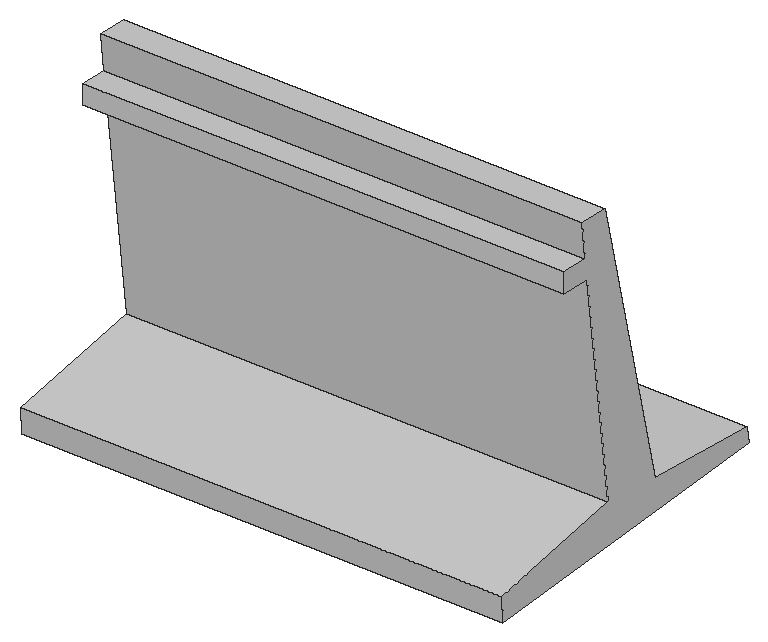
Revit family "06cb871197dc478eac943273a4c56278", category Structural Foundations, Revit 2021
Family settings
  Material for Model Behavior = Other
  Cap = No
  OmniClass Number = 23.10.20.14
  OmniClass Title = Retaining Walls
  Seek Item ID = RetainingWall_Par_Family_Shelf1-0000-USA-ENU
  Work Plane-Based = No
  Always vertical = Yes
  Cut with Voids When Loaded = No
  Shared = No
Parameters (values of type "Standard")
  hdiff = h3 - h4  # 0' - 2.10745"
  h7 = h4 - h6  # 9' - 3.38818"
  h6 = Gw1 * tan(Alpha - Beta)  # -0' - 0.41905"
  h4 = (H - Gf3 * cos(Alpha) + Bw * sin(Alpha)) / cos(Beta)  # 9' - 2.96913"
  h3 = (H - Gf3 * cos(Alpha) + (Bw + Gw2) * sin(Alpha)) / cos(Beta)  # 9' - 5.07658"
  h2 = (Bw + Gw2) * sin(Alpha)  # 0' - 6.18806"
  h1 = Gf4 * cos(Alpha)  # 1' - 3.93912"
  TmpBs1 = Gf4 * sin(Alpha) + (Bw + Gw2) * cos(Alpha) + (H - Hs1 - Gs1 - h1 + h2) * sin(Beta) + Bs1  # 7' - 10.63542"
  Tmp2 = (Bw + Gf3 * tan(Alpha - Gamma)) * cos(Alpha - Gamma)  # 3' - 8.82571"
  Tmp1 = (Bw + Gw2 + Gf4 * tan(Alpha - Beta)) * cos(Alpha - Beta)  # 5' - 10.39836"
  Structural Material [instance] = Concrete, Cast-in-Place gray
  Length [instance] = 16' - 5"
  Hs1 = 1' - 2"
  Hk = 0' - 8"
  H = 9' - 10"
  Gw2 = 2' - 0"
  Gw1 = 1' - 0"
  Gs1 = 0' - 8"
  Gk = 0' - 10"
  Gf4 = 1' - 4"
  Gf3 = 1' - 0"
  Gf2 = 0' - 10"
  Gf1 = 0' - 6"
  Gamma2 = atan((Gw2 * cos(Alpha - Beta) - Gw1 * cos(Alpha - Beta)) / h7)  # 6.14512°
  Gamma = Gamma2 + Beta  # 13.1451°
  Bw = 3' - 11"
  Bs1 = 1' - 0"
  Bk = 1' - 0"
  Beta = 7.00°
  B = 10' - 6"
  Assembly Code = ""
  Alpha = 5.00°
Reference planes (in)
  plane 1 "Center (Front/Back)": y = 0
  plane 2: z = 0
  plane 3 "Center (Left/Right)": x = 0
  plane 4: z = 118
  plane 5: x = 197
  plane 6: z = 104
  plane 7: z = 96
  plane 8: y = -94.63542
Forms (in)
  Sweep 1, solid, material "Concrete, Cast-in-Place gray" <- "Structural Material"
    path origin (0, 0, 0) x (1, 0, 0) y (0, 1, 0)
      loop
        line (0, 0) -> (197, 0)
    profile "Shelf1-Profile : Shelf1-Profile" origin (98.5, 0, 0) x (0, 1, 0) y (0, 0, 1)
      loop
        line (-73.58931, 118) -> (-85.41561, 118) -> (-83.69663, 104) -> (-94.63542, 104) -> (-94.63542, 96) -> (-82.71435, 96) -> (-72.12432, 9.75106) -> (-126.39209, -1.01968) -> (-125.52053, -10.98162) -> (0, 0) -> (-0.52293, 5.97717) -> (-47.86702, 7.85802) -> (-73.58931, 118)
Dimensions and locks (in)
  "H": plane 4 to plane 2
  "Length": plane 3 "Center (Left/Right)" to plane 5
  "Hs1": plane 4 to plane 6
  "Gs1": plane 6 to plane 7
  "TmpBs1": plane 8 to plane 1 "Center (Front/Back)"
  aligned and locked: plane 3 "Center (Left/Right)" to Sweep 1 sketch curve
  aligned and locked: plane 1 "Center (Front/Back)" to Sweep 1 sketch curve
  aligned and locked: plane 5 to Sweep 1 sketch curve
